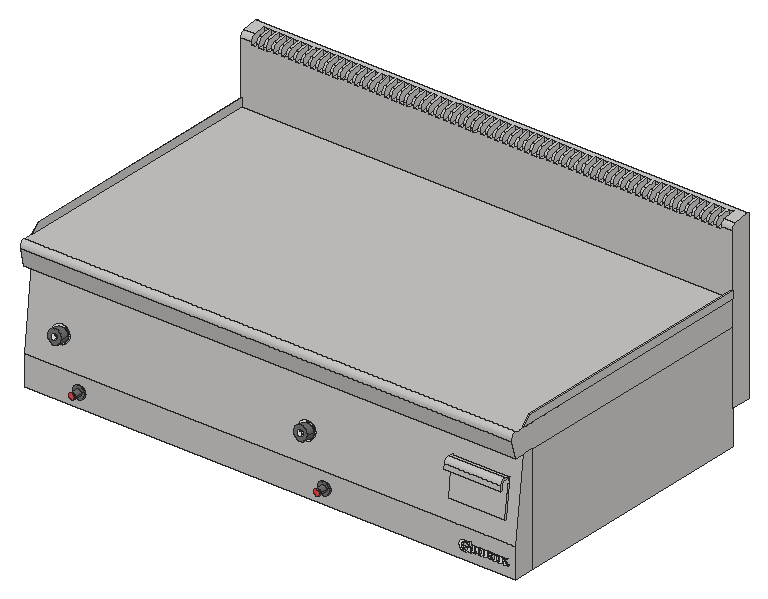
Revit family "QF_GIORIK_LGG6970", category Specialty Equipment, Revit 2014
Parameters (values of type "LGG6970")
  Weight in Pounds = 0
  URL Cutsheet = "www.giorik.com"
  URL = "www.giorik.com"
  Status [instance] = ""
  Specification by User [instance] = ""
  Specification by Manufacturer = ""
  Show Logo [instance] = yes
  Show Clearance [instance] = yes
  Serial Number = ""
  Seismic Rating = ""
  SMACNA No = ""
  Revision Code [instance] = ""
  NAFEM Spec ID Number = ""
  Model = "LGG6970"
  Mechanical Remarks [instance] = "Natural Gas"
  Mechanical Connection Type [instance] = ""
  Masterspec = ""
  Manufacturer = "GIORIK"
  Item Number [instance] = ""
  Installed By [instance] = ""
  Identify Quantity as Lot [instance] = no
  Gas Size = 1"
  Gas RI Height [instance] = 0 mm
  Gas KW = 13.8
  Gas Input = 13800 W
  Gas Connection Height [instance] = 45 mm
  Furnished By [instance] = ""
  Foodservice Equipment Identifier [instance] = yes
  Description = "GRIDDLE SMOOTH"
  CSI MasterFormat = ""
  Assembly Code = "E1090320"
Reference planes
  plane 1 "Back": y = 0
  plane 2: z = 0
  plane 3 "Left": x = 0
  plane 4 "Right": x = 1000
  plane 5 "Front": y = -600
  plane 6 "Top": z = 430
Forms (mm)
  Extrusion 1, solid
    sketch origin (0, 1000, -580) x (0, 1, 0) y (0, 0, 1)
      loop
        line (-1040.007, 869.975) -> (-1589.445, 869.975)
        arc (-1589.445, 869.975) -> (-1598.171, 865.672) -> (-1600.069, 856.13) r 10.999
        line (-1600.069, 856.13) -> (-1590.388, 820) -> (-1040.007, 820) -> (-1040.007, 869.975)
    from 0 to 1000
  Extrusion 2, solid
    sketch origin (0, 0, -560) x (0, 1, 0) y (0, 0, 1)
      loop
        line (-570.06, 849.975) -> (-40.007, 849.975) -> (-40.007, 865.387) -> (-554.648, 865.387) -> (-570.06, 849.975)
    from 0 to 1.85
  Extrusion 3, solid
    sketch origin (0, 0, -560) x (0, 1, 0) y (0, 0, 1)
      loop
        line (-40.007, 800) -> (-550, 800) -> (-550, 580) -> (-40.007, 580) -> (-40.007, 800)
    from 0 to 1000
  Extrusion 4, solid
    sketch origin (0, 0, -560) x (0, 1, 0) y (0, 0, 1)
      loop
        line (-550, 800) -> (-570.5, 800) -> (-590, 640) -> (-590, 580) -> (-550, 580) -> (-550, 800)
    from 0 to 1000
  Extrusion 5, solid
    sketch origin (998.094, 0, -560) x (0, 1, 0) y (0, 0, 1)
      loop
        line (-570.06, 849.975) -> (-40.007, 849.975) -> (-40.007, 865.387) -> (-554.648, 865.387) -> (-570.06, 849.975)
    from -0.15 to 1.906
  Extrusion 6, solid
    sketch origin (0, 0, -560) x (0, 1, 0) y (0, 0, 1)
      loop
        line (-40.007, 974.217) -> (-40.007, 650.827) -> (0, 650.827) -> (0, 988.42)
        arc (0, 988.42) -> (-0.57, 989.648) -> (-1.878, 990) r 1.6
        line (-1.878, 990) -> (-31.072, 984.852)
        arc (-31.072, 984.852) -> (-37.477, 981.162) -> (-40.007, 974.217) r 10.797
    from 0 to 1000
  Extrusion 7, solid
    sketch origin (103.819, 0, -561) x (1, 0, 0) y (0, 0, 1)
      loop
        circle (-38.319, 606) r 12.5
    from 20.007 to 40.007
  Extrusion 8, solid, visible <- "Show Logo"
    sketch origin (791.604, -590.5, -6.113) x (-1, 0, 0) y (0, 0, 1)
      loop
        line (-118.824, 58.358) -> (-127.804, 58.358) -> (-125.523, 56.445) -> (-125.523, 48.027) -> (-127.804, 46.113) -> (-118.824, 46.113) -> (-121.105, 48.027) -> (-121.105, 56.445) -> (-118.824, 58.358)
      loop
        line (-163.721, 58.358) -> (-172.7, 58.358) -> (-170.42, 56.445) -> (-170.42, 48.027) -> (-172.7, 46.113) -> (-163.721, 46.113) -> (-166.001, 48.027) -> (-166.001, 56.445) -> (-163.721, 58.358)
      loop
        line (-174.332, 58.358) -> (-183.312, 58.358) -> (-181.031, 56.445) -> (-181.031, 52.435) -> (-186.419, 56.955) -> (-184.416, 58.358) -> (-191.268, 58.358) -> (-188.01, 56.839) -> (-185.455, 54.283) -> (-190.846, 47.858) -> (-193.396, 46.93) -> (-193.396, 46.113) -> (-184.416, 46.113) -> (-185.437, 47.571) -> (-182.443, 51.552) -> (-181.031, 50.894) -> (-181.031, 48.027) -> (-183.312, 46.113) -> (-174.332, 46.113) -> (-176.613, 48.027) -> (-176.613, 56.445) -> (-174.332, 58.358)
      loop
        line (-115.429, 62.063) -> (-115.429, 54.198)
        arc (-115.429, 54.198) -> (-111.618, 57.803) -> (-106.847, 59.986) r 16.039
        arc (-106.847, 59.986) -> (-103.314, 59.837) -> (-100.512, 57.68) r 5.851
        arc (-100.512, 57.68) -> (-98.815, 52.267) -> (-100.512, 46.853) r 9.479
        arc (-100.512, 46.853) -> (-102.406, 44.986) -> (-104.846, 43.93) r 7.236
        arc (-104.846, 43.93) -> (-107.728, 44.111) -> (-110.052, 45.825) r 5.11
        line (-110.052, 45.825) -> (-110.052, 52.001) -> (-116.141, 52.001) -> (-116.141, 45.503) -> (-117.893, 43.751) -> (-114.094, 44.769)
        arc (-114.094, 44.769) -> (-112.56, 44.947) -> (-111.129, 44.366) r 3.115
        arc (-111.129, 44.366) -> (-104.216, 42.091) -> (-97.303, 44.366) r 11.641
        arc (-97.303, 44.366) -> (-93.396, 52.107) -> (-97.303, 59.849) r 9.622
        arc (-97.303, 59.849) -> (-104.369, 62.174) -> (-111.435, 59.849) r 11.898
        line (-111.435, 59.849) -> (-115.429, 62.063)
      loop
        arc (-129.234, 56.068) -> (-135.893, 58.628) -> (-142.552, 56.068) r 9.941
        arc (-142.552, 56.068) -> (-144.234, 52.286) -> (-142.552, 48.505) r 5.093
        arc (-142.552, 48.505) -> (-135.893, 45.945) -> (-129.234, 48.505) r 9.941
        arc (-129.234, 48.505) -> (-127.552, 52.286) -> (-129.234, 56.068) r 5.093
      loop
        arc (-132.628, 54.403) -> (-135.893, 57.668) -> (-139.158, 54.403) r 3.265
        line (-139.158, 54.403) -> (-139.158, 50.169)
        arc (-139.158, 50.169) -> (-135.893, 46.904) -> (-132.628, 50.169) r 3.265
        line (-132.628, 50.169) -> (-132.628, 54.403)
      loop
        arc (-156.363, 58.365) -> (-159.647, 55.081) -> (-156.363, 51.796) r 3.285
        line (-156.363, 51.796) -> (-159.529, 47.306) -> (-162.087, 46.113) -> (-155.847, 46.113) -> (-153.529, 51.083) -> (-150.637, 51.083) -> (-150.637, 47.784) -> (-153.022, 46.113) -> (-144.011, 46.113) -> (-146.094, 47.68) -> (-146.094, 56.493) -> (-144.229, 58.365) -> (-156.363, 58.365)
      loop
        line (-150.637, 57.512) -> (-153.637, 57.512)
        arc (-153.637, 57.512) -> (-156.237, 54.912) -> (-153.637, 52.312) r 2.6
        line (-153.637, 52.312) -> (-150.637, 52.312) -> (-150.637, 57.512)
      loop
        line (-108.924, 52.001) -> (-104.936, 49.005) -> (-100.948, 52.001) -> (-108.924, 52.001)
    from 1.5 to -0.5
  Extrusion 9, void
    sketch origin (7.5, 0, 430) x (0, 1, 0) y (-1, 0, 0)
      loop
        line (-40.007, -25) -> (-9.931, -25) -> (-9.931, -15) -> (-40.007, -15) -> (-40.007, -25)
      loop
        line (-40.007, -40) -> (-9.931, -40) -> (-9.931, -30) -> (-40.007, -30) -> (-40.007, -40)
      loop
        line (-40.007, -55) -> (-9.931, -55) -> (-9.931, -45) -> (-40.007, -45) -> (-40.007, -55)
      loop
        line (-40.007, -70) -> (-9.931, -70) -> (-9.931, -60) -> (-40.007, -60) -> (-40.007, -70)
      loop
        line (-40.007, -85) -> (-9.931, -85) -> (-9.931, -75) -> (-40.007, -75) -> (-40.007, -85)
      loop
        line (-40.007, -100) -> (-9.931, -100) -> (-9.931, -90) -> (-40.007, -90) -> (-40.007, -100)
      loop
        line (-40.007, -115) -> (-9.931, -115) -> (-9.931, -105) -> (-40.007, -105) -> (-40.007, -115)
      loop
        line (-40.007, -130) -> (-9.931, -130) -> (-9.931, -120) -> (-40.007, -120) -> (-40.007, -130)
      loop
        line (-40.007, -145) -> (-9.931, -145) -> (-9.931, -135) -> (-40.007, -135) -> (-40.007, -145)
      loop
        line (-40.007, -160) -> (-9.931, -160) -> (-9.931, -150) -> (-40.007, -150) -> (-40.007, -160)
      loop
        line (-40.007, -175) -> (-9.931, -175) -> (-9.931, -165) -> (-40.007, -165) -> (-40.007, -175)
      loop
        line (-40.007, -190) -> (-9.931, -190) -> (-9.931, -180) -> (-40.007, -180) -> (-40.007, -190)
      loop
        line (-40.007, -205) -> (-9.931, -205) -> (-9.931, -195) -> (-40.007, -195) -> (-40.007, -205)
      loop
        line (-40.007, -220) -> (-9.931, -220) -> (-9.931, -210) -> (-40.007, -210) -> (-40.007, -220)
      loop
        line (-40.007, -235) -> (-9.931, -235) -> (-9.931, -225) -> (-40.007, -225) -> (-40.007, -235)
      loop
        line (-40.007, -250) -> (-9.931, -250) -> (-9.931, -240) -> (-40.007, -240) -> (-40.007, -250)
      loop
        line (-40.007, -265) -> (-9.931, -265) -> (-9.931, -255) -> (-40.007, -255) -> (-40.007, -265)
      loop
        line (-40.007, -280) -> (-9.931, -280) -> (-9.931, -270) -> (-40.007, -270) -> (-40.007, -280)
      loop
        line (-40.007, -295) -> (-9.931, -295) -> (-9.931, -285) -> (-40.007, -285) -> (-40.007, -295)
      loop
        line (-40.007, -310) -> (-9.931, -310) -> (-9.931, -300) -> (-40.007, -300) -> (-40.007, -310)
      loop
        line (-40.007, -325) -> (-9.931, -325) -> (-9.931, -315) -> (-40.007, -315) -> (-40.007, -325)
      loop
        line (-40.007, -340) -> (-9.931, -340) -> (-9.931, -330) -> (-40.007, -330) -> (-40.007, -340)
      loop
        line (-40.007, -355) -> (-9.931, -355) -> (-9.931, -345) -> (-40.007, -345) -> (-40.007, -355)
      loop
        line (-40.007, -370) -> (-9.931, -370) -> (-9.931, -360) -> (-40.007, -360) -> (-40.007, -370)
      loop
        line (-40.007, -385) -> (-9.931, -385) -> (-9.931, -375) -> (-40.007, -375) -> (-40.007, -385)
      loop
        line (-40.007, -400) -> (-9.931, -400) -> (-9.931, -390) -> (-40.007, -390) -> (-40.007, -400)
      loop
        line (-40.007, -415) -> (-9.931, -415) -> (-9.931, -405) -> (-40.007, -405) -> (-40.007, -415)
      loop
        line (-40.007, -430) -> (-9.931, -430) -> (-9.931, -420) -> (-40.007, -420) -> (-40.007, -430)
      loop
        line (-40.007, -445) -> (-9.931, -445) -> (-9.931, -435) -> (-40.007, -435) -> (-40.007, -445)
      loop
        line (-40.007, -460) -> (-9.931, -460) -> (-9.931, -450) -> (-40.007, -450) -> (-40.007, -460)
      loop
        line (-40.007, -475) -> (-9.931, -475) -> (-9.931, -465) -> (-40.007, -465) -> (-40.007, -475)
      loop
        line (-40.007, -490) -> (-9.931, -490) -> (-9.931, -480) -> (-40.007, -480) -> (-40.007, -490)
      loop
        line (-40.007, -505) -> (-9.931, -505) -> (-9.931, -495) -> (-40.007, -495) -> (-40.007, -505)
      loop
        line (-40.007, -520) -> (-9.931, -520) -> (-9.931, -510) -> (-40.007, -510) -> (-40.007, -520)
      loop
        line (-40.007, -535) -> (-9.931, -535) -> (-9.931, -525) -> (-40.007, -525) -> (-40.007, -535)
      loop
        line (-40.007, -550) -> (-9.931, -550) -> (-9.931, -540) -> (-40.007, -540) -> (-40.007, -550)
      loop
        line (-40.007, -565) -> (-9.931, -565) -> (-9.931, -555) -> (-40.007, -555) -> (-40.007, -565)
      loop
        line (-40.007, -580) -> (-9.931, -580) -> (-9.931, -570) -> (-40.007, -570) -> (-40.007, -580)
      loop
        line (-40.007, -595) -> (-9.931, -595) -> (-9.931, -585) -> (-40.007, -585) -> (-40.007, -595)
      loop
        line (-40.007, -610) -> (-9.931, -610) -> (-9.931, -600) -> (-40.007, -600) -> (-40.007, -610)
      loop
        line (-40.007, -625) -> (-9.931, -625) -> (-9.931, -615) -> (-40.007, -615) -> (-40.007, -625)
      loop
        line (-40.007, -640) -> (-9.931, -640) -> (-9.931, -630) -> (-40.007, -630) -> (-40.007, -640)
      loop
        line (-40.007, -655) -> (-9.931, -655) -> (-9.931, -645) -> (-40.007, -645) -> (-40.007, -655)
      loop
        line (-40.007, -670) -> (-9.931, -670) -> (-9.931, -660) -> (-40.007, -660) -> (-40.007, -670)
      loop
        line (-40.007, -685) -> (-9.931, -685) -> (-9.931, -675) -> (-40.007, -675) -> (-40.007, -685)
      loop
        line (-40.007, -700) -> (-9.931, -700) -> (-9.931, -690) -> (-40.007, -690) -> (-40.007, -700)
      loop
        line (-40.007, -715) -> (-9.931, -715) -> (-9.931, -705) -> (-40.007, -705) -> (-40.007, -715)
      loop
        line (-40.007, -730) -> (-9.931, -730) -> (-9.931, -720) -> (-40.007, -720) -> (-40.007, -730)
      loop
        line (-40.007, -745) -> (-9.931, -745) -> (-9.931, -735) -> (-40.007, -735) -> (-40.007, -745)
      loop
        line (-40.007, -760) -> (-9.931, -760) -> (-9.931, -750) -> (-40.007, -750) -> (-40.007, -760)
      loop
        line (-40.007, -775) -> (-9.931, -775) -> (-9.931, -765) -> (-40.007, -765) -> (-40.007, -775)
      loop
        line (-40.007, -790) -> (-9.931, -790) -> (-9.931, -780) -> (-40.007, -780) -> (-40.007, -790)
      loop
        line (-40.007, -805) -> (-9.931, -805) -> (-9.931, -795) -> (-40.007, -795) -> (-40.007, -805)
      loop
        line (-40.007, -820) -> (-9.931, -820) -> (-9.931, -810) -> (-40.007, -810) -> (-40.007, -820)
      loop
        line (-40.007, -835) -> (-9.931, -835) -> (-9.931, -825) -> (-40.007, -825) -> (-40.007, -835)
      loop
        line (-40.007, -850) -> (-9.931, -850) -> (-9.931, -840) -> (-40.007, -840) -> (-40.007, -850)
      loop
        line (-40.007, -865) -> (-9.931, -865) -> (-9.931, -855) -> (-40.007, -855) -> (-40.007, -865)
      loop
        line (-40.007, -880) -> (-9.931, -880) -> (-9.931, -870) -> (-40.007, -870) -> (-40.007, -880)
      loop
        line (-40.007, -895) -> (-9.931, -895) -> (-9.931, -885) -> (-40.007, -885) -> (-40.007, -895)
      loop
        line (-40.007, -910) -> (-9.931, -910) -> (-9.931, -900) -> (-40.007, -900) -> (-40.007, -910)
      loop
        line (-40.007, -925) -> (-9.931, -925) -> (-9.931, -915) -> (-40.007, -915) -> (-40.007, -925)
      loop
        line (-40.007, -940) -> (-9.931, -940) -> (-9.931, -930) -> (-40.007, -930) -> (-40.007, -940)
      loop
        line (-40.007, -955) -> (-9.931, -955) -> (-9.931, -945) -> (-40.007, -945) -> (-40.007, -955)
      loop
        line (-40.007, -970) -> (-9.931, -970) -> (-9.931, -960) -> (-40.007, -960) -> (-40.007, -970)
    from 0 to -20
  Extrusion 10, solid
    sketch origin (566.603, 15.293, -30) x (0, 1, 0) y (-1, 0, 0)
      loop
        circle (-79.293, 516.603) r 5
    from 41.965 to 50
  Revolve 11, solid
    sketch origin (50, 19.943, -600) x (0, 1, 0) y (0, 0, 1)
      loop
        line (-83.943, 611.965) -> (-94.752, 611.965) -> (-97.943, 600) -> (-83.943, 600) -> (-83.943, 611.965)
      axis (-83.943, 611.965) -> (-83.943, 600)
    angle from 0 to 360
  Extrusion 12, solid
    sketch origin (433.397, 15.293, -30) x (0, 1, 0) y (-1, 0, 0)
      loop
        circle (-79.293, -516.603) r 5
    from 41.965 to 50
  Revolve 13, solid
    sketch origin (950, 19.943, -600) x (0, 1, 0) y (0, 0, -1)
      loop
        line (-83.943, -611.965) -> (-83.943, -600) -> (-97.943, -600) -> (-94.752, -611.965) -> (-83.943, -611.965)
      axis (-83.943, -611.965) -> (-83.943, -600)
    angle from 0 to 360
  Extrusion 14, solid
    sketch origin (566.603, -459.707, -30) x (0, 1, 0) y (-1, 0, 0)
      loop
        circle (-79.293, 516.603) r 5
    from 41.965 to 50
  Revolve 15, solid
    sketch origin (50, -455.057, -600) x (0, 1, 0) y (0, 0, 1)
      loop
        line (-83.943, 611.965) -> (-94.752, 611.965) -> (-97.943, 600) -> (-83.943, 600) -> (-83.943, 611.965)
      axis (-83.943, 611.965) -> (-83.943, 600)
    angle from 0 to 360
  Extrusion 16, solid
    sketch origin (433.397, -459.707, -30) x (0, 1, 0) y (-1, 0, 0)
      loop
        circle (-79.293, -516.603) r 5
    from 41.965 to 50
  Revolve 17, solid
    sketch origin (950, -455.057, -600) x (0, 1, 0) y (0, 0, -1)
      loop
        line (-83.943, -611.965) -> (-83.943, -600) -> (-97.943, -600) -> (-94.752, -611.965) -> (-83.943, -611.965)
      axis (-83.943, -611.965) -> (-83.943, -600)
    angle from 0 to 360
  Extrusion 18, solid
    sketch origin (722.5, -693.34, -437.283) x (0, 0.992655, -0.12098) y (0, 0.12098, 0.992655)
      loop
        line (40, 640.1) -> (30, 640.1)
        arc (30, 640.1) -> (22.929, 637.171) -> (20, 630.1) r 10
        line (20, 630.1) -> (20, 620.1) -> (22, 620.1) -> (22, 630.1)
        arc (22, 630.1) -> (24.343, 635.757) -> (30, 638.1) r 8
        line (30, 638.1) -> (38, 638.1) -> (38, 565.1) -> (40, 565.1) -> (40, 640.1)
    from 137.5 to 252.5
  Extrusion 19, solid
    sketch origin (69, -610.315, -100.4) x (1, 0, 0) y (0, 0.117494, 0.993074)
      loop
        circle (0, 240) r 14
    from 0 to 17.552
  Extrusion 20, solid
    sketch origin (569, -610.315, -100.4) x (1, 0, 0) y (0, 0.117494, 0.993074)
      loop
        circle (0, 240) r 14
    from 0 to 17.552
  Extrusion 21, solid
    sketch origin (569, -611.579, -100.299) x (1, 0, 0) y (0, 0.12098, 0.992655)
      loop
        circle (0, 240) r 17
    from 0 to 1.96
  Extrusion 22, solid
    sketch origin (499, -20.868, -71.425) x (1, 0, 0) y (0, 0.12098, 0.992655)
      loop
        circle (70, 139.874) r 5
    from 601.431 to 599.431
  Extrusion 23, solid
    sketch origin (69, -611.579, -100.361) x (1, 0, 0) y (0, 0.12098, 0.992655)
      loop
        circle (0, 240) r 17
    from 0 to 1.96
  Extrusion 24, solid
    sketch origin (-1, -20.868, -71.486) x (1, 0, 0) y (0, 0.12098, 0.992655)
      loop
        circle (70, 139.874) r 5
    from 601.431 to 599.431
  Extrusion 25, solid
    sketch origin (571.298, -565.77, -661.693) x (1, 0, 0) y (0, 0.001091, 0.999999)
      loop
        circle (38.702, 711.666) r 12.5
    from 25 to 27
  Extrusion 26, solid
    sketch origin (-154.91, -592.777, -668.086) x (1, 0, 0) y (0, 0.001091, 0.999999)
      loop
        circle (764.91, 718.089) r 6
    from 0 to 15
  Extrusion 27, solid
    sketch origin (-154.91, -593.938, -668.085) x (1, 0, 0) y (0, 0.001091, 0.999999)
      loop
        circle (764.91, 718.089) r 6
    from 13.838 to 15.838
  Extrusion 28, solid
    sketch origin (72.843, -565.77, -661.693) x (1, 0, 0) y (0, 0.001091, 0.999999)
      loop
        circle (38.702, 711.666) r 12.5
    from 25 to 27
  Extrusion 29, solid
    sketch origin (-653.365, -592.777, -668.086) x (1, 0, 0) y (0, 0.001091, 0.999999)
      loop
        circle (764.91, 718.089) r 6
    from 0 to 15
  Extrusion 30, solid
    sketch origin (-653.365, -593.938, -668.085) x (1, 0, 0) y (0, 0.001091, 0.999999)
      loop
        circle (764.91, 718.089) r 6
    from 13.838 to 15.838
Cuts and joins
  Extrusion 9 cuts Extrusion 6
Lines and regions (mm)
  symbolic lines, style "200-EquipBorder-2D"
    curve 1: line (1000, 0, 0) -> (0, 0, 0)
    curve 2: line (0, 0, 0) -> (0, -600, 0)
    curve 118: line (1000, -600, 430) -> (1000, 0, 430)
    curve 201: line (105.545, -608.993, 430) -> (105.545, -600, 430)
    curve 202: line (1000, -600, 430) -> (0, -600, 430)
    curve 203: line (105.545, -608.993, 430) -> (117.545, -608.993, 430)
    curve 204: line (117.545, -608.993, 430) -> (117.545, -600, 430)
    curve 205: line (604, -608.993, 430) -> (604, -600, 430)
    curve 206: line (616, -608.993, 430) -> (616, -600, 430)
    curve 207: line (616, -608.993, 430) -> (604, -608.993, 430)
  symbolic lines, style "200-EquipInternal-2D"
    curve 3: line (1000, -40.007, 430) -> (0, -40.007, 430)
    curve 4: line (997.944, -570.06, 430) -> (1000, -570.06, 430)
    curve 5: line (997.944, -40.007, 430) -> (997.944, -570.06, 430)
    curve 6: line (0, -570.06, 430) -> (1.85, -570.06, 430)
    curve 7: line (1.85, -570.06, 430) -> (1.85, -40.007, 430)
    curve 8: line (22.5, -9.931, 290) -> (22.5, -40.007, 290)
    curve 9: line (32.5, -40.007, 290) -> (32.5, -9.931, 290)
    curve 10: line (37.5, -9.931, 290) -> (37.5, -40.007, 290)
    curve 11: line (47.5, -40.007, 290) -> (47.5, -9.931, 290)
    curve 12: line (52.5, -9.931, 290) -> (52.5, -40.007, 290)
    curve 13: line (62.5, -40.007, 290) -> (62.5, -9.931, 290)
    curve 14: line (82.5, -9.931, 290) -> (82.5, -40.007, 290)
    curve 15: line (92.5, -40.007, 290) -> (92.5, -9.931, 290)
    curve 16: line (97.5, -9.931, 290) -> (97.5, -40.007, 290)
    curve 17: line (107.5, -40.007, 290) -> (107.5, -9.931, 290)
    curve 18: line (137.5, -40.007, 290) -> (137.5, -9.931, 290)
    curve 19: line (127.5, -9.931, 290) -> (127.5, -40.007, 290)
    curve 20: line (152.5, -40.007, 290) -> (152.5, -9.931, 290)
    curve 21: line (157.5, -9.931, 290) -> (157.5, -40.007, 290)
    curve 22: line (167.5, -40.007, 290) -> (167.5, -9.931, 290)
    curve 23: line (142.5, -9.931, 290) -> (142.5, -40.007, 290)
    curve 24: line (197.5, -40.007, 290) -> (197.5, -9.931, 290)
    curve 25: line (187.5, -9.931, 290) -> (187.5, -40.007, 290)
    curve 26: line (202.5, -9.931, 290) -> (202.5, -40.007, 290)
    curve 27: line (212.5, -40.007, 290) -> (212.5, -9.931, 290)
    curve 28: line (217.5, -9.931, 290) -> (217.5, -40.007, 290)
    curve 29: line (227.5, -40.007, 290) -> (227.5, -9.931, 290)
    curve 30: line (247.5, -9.931, 290) -> (247.5, -40.007, 290)
    curve 31: line (257.5, -40.007, 290) -> (257.5, -9.931, 290)
    curve 32: line (262.5, -9.931, 290) -> (262.5, -40.007, 290)
    curve 33: line (272.5, -40.007, 290) -> (272.5, -9.931, 290)
    curve 34: line (277.5, -9.931, 290) -> (277.5, -40.007, 290)
    curve 35: line (287.5, -40.007, 290) -> (287.5, -9.931, 290)
    curve 36: line (317.5, -40.007, 290) -> (317.5, -9.931, 290)
    curve 37: line (307.5, -9.931, 290) -> (307.5, -40.007, 290)
    curve 38: line (332.5, -40.007, 290) -> (332.5, -9.931, 290)
    curve 39: line (322.5, -9.931, 290) -> (322.5, -40.007, 290)
    curve 40: line (337.5, -9.931, 290) -> (337.5, -40.007, 290)
    curve 41: line (347.5, -40.007, 290) -> (347.5, -9.931, 290)
    curve 42: line (367.5, -9.931, 290) -> (367.5, -40.007, 290)
    curve 43: line (377.5, -40.007, 290) -> (377.5, -9.931, 290)
    curve 44: line (382.5, -9.931, 290) -> (382.5, -40.007, 290)
    curve 45: line (392.5, -9.931, 290) -> (382.5, -9.931, 290)
    curve 46: line (377.5, -9.931, 290) -> (367.5, -9.931, 290)
    curve 47: line (347.5, -9.931, 290) -> (337.5, -9.931, 290)
    curve 48: line (332.5, -9.931, 290) -> (322.5, -9.931, 290)
    curve 49: line (317.5, -9.931, 290) -> (307.5, -9.931, 290)
    curve 50: line (272.5, -9.931, 290) -> (262.5, -9.931, 290)
    curve 51: line (107.5, -9.931, 290) -> (97.5, -9.931, 290)
    curve 52: line (92.5, -9.931, 290) -> (82.5, -9.931, 290)
    curve 53: line (62.5, -9.931, 290) -> (52.5, -9.931, 290)
    curve 54: line (32.5, -9.931, 290) -> (22.5, -9.931, 290)
    curve 55: line (137.5, -9.931, 290) -> (127.5, -9.931, 290)
    curve 56: line (152.5, -9.931, 290) -> (142.5, -9.931, 290)
    curve 57: line (167.5, -9.931, 290) -> (157.5, -9.931, 290)
    curve 58: line (197.5, -9.931, 290) -> (187.5, -9.931, 290)
    curve 59: line (212.5, -9.931, 290) -> (202.5, -9.931, 290)
    curve 60: line (227.5, -9.931, 290) -> (217.5, -9.931, 290)
    curve 61: line (257.5, -9.931, 290) -> (247.5, -9.931, 290)
    curve 62: line (47.5, -9.931, 290) -> (37.5, -9.931, 290)
    curve 63: line (67.5, -9.931, 430) -> (67.5, -40.007, 430)
    curve 64: line (77.5, -40.007, 430) -> (77.5, -9.931, 430)
    curve 65: line (77.5, -9.931, 430) -> (67.5, -9.931, 430)
    curve 66: line (112.5, -9.931, 430) -> (112.5, -40.007, 430)
    curve 67: line (122.5, -40.007, 430) -> (122.5, -9.931, 430)
    curve 68: line (122.5, -9.931, 430) -> (112.5, -9.931, 430)
    curve 69: line (172.5, -9.931, 430) -> (172.5, -40.007, 430)
    curve 70: line (182.5, -40.007, 430) -> (182.5, -9.931, 430)
    curve 71: line (182.5, -9.931, 430) -> (172.5, -9.931, 430)
    curve 72: line (232.5, -9.931, 430) -> (232.5, -40.007, 430)
    curve 73: line (242.5, -40.007, 430) -> (242.5, -9.931, 430)
    curve 74: line (242.5, -9.931, 430) -> (232.5, -9.931, 430)
    curve 75: line (287.5, -9.931, 430) -> (277.5, -9.931, 430)
    curve 76: line (302.5, -9.931, 430) -> (292.5, -9.931, 430)
    curve 77: line (292.5, -9.931, 430) -> (292.5, -40.007, 430)
    curve 78: line (302.5, -40.007, 430) -> (302.5, -9.931, 430)
    curve 79: line (352.5, -9.931, 430) -> (352.5, -40.007, 430)
    curve 80: line (362.5, -40.007, 430) -> (362.5, -9.931, 430)
    curve 81: line (362.5, -9.931, 430) -> (352.5, -9.931, 430)
    curve 82: line (392.5, -40.007, 430) -> (392.5, -9.931, 430)
    curve 83: line (397.5, -9.931, 430) -> (397.5, -40.007, 430)
    curve 84: line (407.5, -40.007, 430) -> (407.5, -9.931, 430)
    curve 85: line (407.5, -9.931, 430) -> (397.5, -9.931, 430)
    curve 86: line (422.5, -9.931, 430) -> (412.5, -9.931, 430)
    curve 87: line (412.5, -9.931, 430) -> (412.5, -40.007, 430)
    curve 88: line (422.5, -40.007, 430) -> (422.5, -9.931, 430)
    curve 89: line (427.5, -9.931, 430) -> (427.5, -40.007, 430)
    curve 90: line (437.5, -40.007, 430) -> (437.5, -9.931, 430)
    curve 91: line (437.5, -9.931, 430) -> (427.5, -9.931, 430)
    curve 92: line (442.5, -9.931, 430) -> (442.5, -40.007, 430)
    curve 93: line (452.5, -40.007, 430) -> (452.5, -9.931, 430)
    curve 94: line (457.5, -9.931, 430) -> (457.5, -40.007, 430)
    curve 95: line (467.5, -40.007, 430) -> (467.5, -9.931, 430)
    curve 96: line (472.5, -9.931, 430) -> (472.5, -40.007, 430)
    curve 97: line (482.5, -40.007, 430) -> (482.5, -9.931, 430)
    curve 98: line (487.5, -9.931, 430) -> (487.5, -40.007, 430)
    curve 99: line (497.5, -40.007, 430) -> (497.5, -9.931, 430)
    curve 100: line (502.5, -9.931, 430) -> (502.5, -40.007, 430)
    curve 101: line (512.5, -40.007, 430) -> (512.5, -9.931, 430)
    curve 102: line (517.5, -9.931, 430) -> (517.5, -40.007, 430)
    curve 103: line (527.5, -40.007, 430) -> (527.5, -9.931, 430)
    curve 104: line (532.5, -9.931, 430) -> (532.5, -40.007, 430)
    curve 105: line (542.5, -40.007, 430) -> (542.5, -9.931, 430)
    curve 106: line (547.5, -9.931, 430) -> (547.5, -40.007, 430)
    curve 107: line (557.5, -40.007, 430) -> (557.5, -9.931, 430)
    curve 108: line (562.5, -9.931, 430) -> (562.5, -40.007, 430)
    curve 109: line (452.5, -9.931, 430) -> (442.5, -9.931, 430)
    curve 110: line (467.5, -9.931, 430) -> (457.5, -9.931, 430)
    curve 111: line (482.5, -9.931, 430) -> (472.5, -9.931, 430)
    curve 112: line (497.5, -9.931, 430) -> (487.5, -9.931, 430)
    curve 113: line (512.5, -9.931, 430) -> (502.5, -9.931, 430)
    curve 114: line (527.5, -9.931, 430) -> (517.5, -9.931, 430)
    curve 115: line (542.5, -9.931, 430) -> (532.5, -9.931, 430)
    curve 116: line (557.5, -9.931, 430) -> (547.5, -9.931, 430)
    curve 117: line (572.5, -9.931, 430) -> (562.5, -9.931, 430)
    curve 119: line (572.5, -40.007, 430) -> (572.5, -9.931, 430)
    curve 120: line (577.5, -9.931, 430) -> (577.5, -40.007, 430)
    curve 121: line (587.5, -9.931, 430) -> (577.5, -9.931, 430)
    curve 122: line (602.5, -9.931, 430) -> (592.5, -9.931, 430)
    curve 123: line (617.5, -9.931, 430) -> (607.5, -9.931, 430)
    curve 124: line (632.5, -9.931, 430) -> (622.5, -9.931, 430)
    curve 125: line (647.5, -9.931, 430) -> (637.5, -9.931, 430)
    curve 126: line (662.5, -40.007, 430) -> (662.5, -9.931, 430)
    curve 127: line (677.5, -9.931, 430) -> (667.5, -9.931, 430)
    curve 128: line (707.5, -9.931, 430) -> (697.5, -9.931, 430)
    curve 129: line (692.5, -9.931, 430) -> (682.5, -9.931, 430)
    curve 130: line (662.5, -9.931, 430) -> (652.5, -9.931, 430)
    curve 131: line (722.5, -9.931, 430) -> (712.5, -9.931, 430)
    curve 132: line (737.5, -9.931, 430) -> (727.5, -9.931, 430)
    curve 133: line (752.5, -9.931, 430) -> (742.5, -9.931, 430)
    curve 134: line (767.5, -9.931, 430) -> (757.5, -9.931, 430)
    curve 135: line (782.5, -40.007, 430) -> (782.5, -9.931, 430)
    curve 136: line (782.5, -9.931, 430) -> (772.5, -9.931, 430)
    curve 137: line (797.5, -9.931, 430) -> (787.5, -9.931, 430)
    curve 138: line (812.5, -9.931, 430) -> (802.5, -9.931, 430)
    curve 139: line (827.5, -9.931, 430) -> (817.5, -9.931, 430)
    curve 140: line (842.5, -9.931, 430) -> (832.5, -9.931, 430)
    curve 141: line (857.5, -9.931, 430) -> (847.5, -9.931, 430)
    curve 142: line (872.5, -9.931, 430) -> (862.5, -9.931, 430)
    curve 143: line (887.5, -9.931, 430) -> (877.5, -9.931, 430)
    curve 144: line (902.5, -9.931, 430) -> (892.5, -9.931, 430)
    curve 145: line (917.5, -9.931, 430) -> (907.5, -9.931, 430)
    curve 146: line (932.5, -9.931, 430) -> (922.5, -9.931, 430)
    curve 147: line (947.5, -40.007, 430) -> (947.5, -9.931, 430)
    curve 148: line (947.5, -9.931, 430) -> (937.5, -9.931, 430)
    curve 149: line (962.5, -9.931, 430) -> (952.5, -9.931, 430)
    curve 150: line (977.5, -9.931, 430) -> (967.5, -9.931, 430)
    curve 151: line (977.5, -40.007, 430) -> (977.5, -9.931, 430)
    curve 152: line (967.5, -9.931, 430) -> (967.5, -40.007, 430)
    curve 153: line (962.5, -40.007, 430) -> (962.5, -9.931, 430)
    curve 154: line (952.5, -9.931, 430) -> (952.5, -40.007, 430)
    curve 155: line (937.5, -9.931, 430) -> (937.5, -40.007, 430)
    curve 156: line (932.5, -40.007, 430) -> (932.5, -9.931, 430)
    curve 157: line (922.5, -9.931, 430) -> (922.5, -40.007, 430)
    curve 158: line (917.5, -40.007, 430) -> (917.5, -9.931, 430)
    curve 159: line (907.5, -9.931, 430) -> (907.5, -40.007, 430)
    curve 160: line (902.5, -40.007, 430) -> (902.5, -9.931, 430)
    curve 161: line (892.5, -9.931, 430) -> (892.5, -40.007, 430)
    curve 162: line (887.5, -40.007, 430) -> (887.5, -9.931, 430)
    curve 163: line (877.5, -9.931, 430) -> (877.5, -40.007, 430)
    curve 164: line (872.5, -40.007, 430) -> (872.5, -9.931, 430)
    curve 165: line (862.5, -9.931, 430) -> (862.5, -40.007, 430)
    curve 166: line (857.5, -40.007, 430) -> (857.5, -9.931, 430)
    curve 167: line (847.5, -9.931, 430) -> (847.5, -40.007, 430)
    curve 168: line (842.5, -40.007, 430) -> (842.5, -9.931, 430)
    curve 169: line (832.5, -9.931, 430) -> (832.5, -40.007, 430)
    curve 170: line (827.5, -40.007, 430) -> (827.5, -9.931, 430)
    curve 171: line (817.5, -9.931, 430) -> (817.5, -40.007, 430)
    curve 172: line (812.5, -40.007, 430) -> (812.5, -9.931, 430)
    curve 173: line (802.5, -9.931, 430) -> (802.5, -40.007, 430)
    curve 174: line (797.5, -40.007, 430) -> (797.5, -9.931, 430)
    curve 175: line (787.5, -9.931, 430) -> (787.5, -40.007, 430)
    curve 176: line (772.5, -9.931, 430) -> (772.5, -40.007, 430)
    curve 177: line (767.5, -40.007, 430) -> (767.5, -9.931, 430)
    curve 178: line (757.5, -9.931, 430) -> (757.5, -40.007, 430)
    curve 179: line (752.5, -40.007, 430) -> (752.5, -9.931, 430)
    curve 180: line (742.5, -9.931, 430) -> (742.5, -40.007, 430)
    curve 181: line (737.5, -40.007, 430) -> (737.5, -9.931, 430)
    curve 182: line (727.5, -9.931, 430) -> (727.5, -40.007, 430)
    curve 183: line (722.5, -40.007, 430) -> (722.5, -9.931, 430)
    curve 184: line (712.5, -9.931, 430) -> (712.5, -40.007, 430)
    curve 185: line (707.5, -40.007, 430) -> (707.5, -9.931, 430)
    curve 186: line (697.5, -9.931, 430) -> (697.5, -40.007, 430)
    curve 187: line (692.5, -40.007, 430) -> (692.5, -9.931, 430)
    curve 188: line (682.5, -9.931, 430) -> (682.5, -40.007, 430)
    curve 189: line (677.5, -40.007, 430) -> (677.5, -9.931, 430)
    curve 190: line (667.5, -9.931, 430) -> (667.5, -40.007, 430)
    curve 191: line (652.5, -9.931, 430) -> (652.5, -40.007, 430)
    curve 192: line (647.5, -40.007, 430) -> (647.5, -9.931, 430)
    curve 193: line (637.5, -9.931, 430) -> (637.5, -40.007, 430)
    curve 194: line (632.5, -40.007, 430) -> (632.5, -9.931, 430)
    curve 195: line (622.5, -9.931, 430) -> (622.5, -40.007, 430)
    curve 196: line (617.5, -40.007, 430) -> (617.5, -9.931, 430)
    curve 197: line (607.5, -9.931, 430) -> (607.5, -40.007, 430)
    curve 198: line (602.5, -40.007, 430) -> (602.5, -9.931, 430)
    curve 199: line (592.5, -9.931, 430) -> (592.5, -40.007, 430)
    curve 200: line (587.5, -40.007, 430) -> (587.5, -9.931, 430)
Dimensions and locks
  plane 3 "Left" to plane 4 "Right" = 1000 mm
  plane 5 "Front" to plane 1 "Back" = 600 mm
  plane 4 "Right" to plane 3 "Left" = 1000 mm
  plane 1 "Back" to plane 5 "Front" = 600 mm
  plane 6 "Top" to level = 430 mm  (x2)
  aligned and locked: level to plane 2
Connectors
  piping at (65.5, -20.007, 45), diameter 25.4, driven by "Gas Size"
    settings: on Extrusion 7, index 1, connector inside diameter 24", connector length 0 mm, flow factor 0, pipe flow 0.0 L/s, pressure drop 0.0 Pa, fitting loss kfactor 0, connector angle 0.00°, fixture units 0, engagement length 0 mm, angle of deflection 0.00°, flow configuration 1, flow direction 1, fitting loss method 0, system type 22, joint type 0, gender type 0, connector reference index -1, connector utility 0, adjustable connector no, is connector primary yes, connector description "Gas Inlet"
